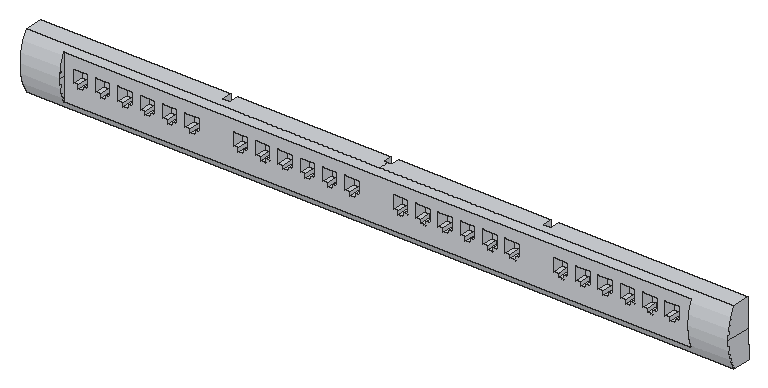
Revit family
Parameters
  Material ID = "760152561"
  Description = "360 1100GS3 Evolve U/UTP 24 Port Patch Panel\r\n360 11 00GS3 24 Port Patch Panel\r\n360 1100GS3 24 PORT PATCH PANEL"
Reference planes (in)
  plane 1 "Center (Front/Back)": y = 0
  plane 2: z = 0
  plane 3 "Center (Left/Right)": x = 0
Forms (in)
  Extrusion 1, solid
    sketch origin (0, 0, 0) x (1, 0, 0) y (0, 0, 1)
      loop
        line (0, 0.75218) -> (-9.5, 0.75218) -> (-9.5, 0.00218) -> (-9.5, -0.75218) -> (0, -0.75218) -> (9.5, -0.75218) -> (9.5, 0) -> (9.5, 0.75218) -> (0, 0.75218)
    from 0 to 2.5
  Extrusion 2, void, not visible
    sketch origin (0, 0, 0) x (1, 0, 0) y (0, 0, 1)
      loop
        line (-7.85662, 0.48089) -> (-7.85662, -0.39002) -> (-7.67285, -0.39002) -> (-7.67285, -0.64002) -> (-7.0736, -0.64002) -> (-7.0736, -0.39002) -> (-6.92978, -0.39002) -> (-6.92978, 0.48089) -> (-7.85662, 0.48089)
    from -3.79215 to 12
  Extrusion 3, void
    sketch origin (0, 0, 0) x (1, 0, 0) y (0, 0, 1)
      loop
        line (-8.19397, 0.28004) -> (-8.19397, -0.07417) -> (-8.06657, -0.07417) -> (-8.06657, -0.16337) -> (-7.91657, -0.16337) -> (-7.91657, -0.07417) -> (-7.80497, -0.07417) -> (-7.80497, 0.28004) -> (-8.19397, 0.28004)
    from 0.25637 to 5.60437
  Extrusion 4, void, not visible
    sketch origin (0, 0, 0) x (1, 0, 0) y (0, 0, 1)
      loop
        line (-8.21397, 0.42583) -> (-8.21397, -0.07417) -> (-8.08657, -0.07417) -> (-8.08657, -0.27417) -> (-7.83657, -0.27417) -> (-7.83657, -0.07417) -> (-7.72497, -0.07417) -> (-7.72497, 0.42583) -> (-8.21397, 0.42583)
    from 0.74059 to 3.34334
  Extrusion 5, void
    sketch origin (0, 0, 0) x (1, 0, 0) y (0, 0, 1)
      loop
        line (4.40826, 1.75) -> (4.20826, 1.75) -> (4.20826, -1.75) -> (4.40826, -1.75) -> (4.40826, 1.75)
    from 0 to 0.25637
  Extrusion 6, void
    sketch origin (-4.29969, 0, 0) x (1, 0, 0) y (0, 0, 1)
      loop
        line (4.40826, 1.75) -> (4.20826, 1.75) -> (4.20826, -1.75) -> (4.40826, -1.75) -> (4.40826, 1.75)
    from 0 to 0.21551
  Extrusion 7, void
    sketch origin (-8.6195, 0, 0) x (1, 0, 0) y (0, 0, 1)
      loop
        line (4.40826, 1.75) -> (4.20826, 1.75) -> (4.20826, -1.75) -> (4.40826, -1.75) -> (4.40826, 1.75)
    from 0 to 0.25637
  Extrusion 8, void
    sketch origin (0, 0, 0) x (0, 1, 0) y (0, 0, 1)
      loop
        line (-0.3725, 0.92313) -> (-2.87402, 0.92313) -> (-2.80422, -1.07565) -> (-0.23373, -1.07565)
        arc (-0.23373, -1.07565) -> (-0.68972, -0.1031) -> (-0.3725, 0.92313) r 1.48862
    from -13.91716 to 12
  Extrusion 9, void
    sketch origin (0.6, 0, 0) x (1, 0, 0) y (0, 0, 1)
      loop
        line (-8.19397, 0.28004) -> (-8.19397, -0.07417) -> (-8.06657, -0.07417) -> (-8.06657, -0.16337) -> (-7.91657, -0.16337) -> (-7.91657, -0.07417) -> (-7.80497, -0.07417) -> (-7.80497, 0.28004) -> (-8.19397, 0.28004)
    from 0.25637 to 5.60437
  Extrusion 10, void
    sketch origin (1.2, 0, 0) x (1, 0, 0) y (0, 0, 1)
      loop
        line (-8.19397, 0.28004) -> (-8.19397, -0.07417) -> (-8.06657, -0.07417) -> (-8.06657, -0.16337) -> (-7.91657, -0.16337) -> (-7.91657, -0.07417) -> (-7.80497, -0.07417) -> (-7.80497, 0.28004) -> (-8.19397, 0.28004)
    from 0.25637 to 5.60437
  Extrusion 11, void
    sketch origin (1.8, 0, 0) x (1, 0, 0) y (0, 0, 1)
      loop
        line (-8.19397, 0.28004) -> (-8.19397, -0.07417) -> (-8.06657, -0.07417) -> (-8.06657, -0.16337) -> (-7.91657, -0.16337) -> (-7.91657, -0.07417) -> (-7.80497, -0.07417) -> (-7.80497, 0.28004) -> (-8.19397, 0.28004)
    from 0.25637 to 5.60437
  Extrusion 12, void
    sketch origin (2.4, 0, 0) x (1, 0, 0) y (0, 0, 1)
      loop
        line (-8.19397, 0.28004) -> (-8.19397, -0.07417) -> (-8.06657, -0.07417) -> (-8.06657, -0.16337) -> (-7.91657, -0.16337) -> (-7.91657, -0.07417) -> (-7.80497, -0.07417) -> (-7.80497, 0.28004) -> (-8.19397, 0.28004)
    from 0.25637 to 5.60437
  Extrusion 13, void
    sketch origin (3, 0, 0) x (1, 0, 0) y (0, 0, 1)
      loop
        line (-8.19397, 0.28004) -> (-8.19397, -0.07417) -> (-8.06657, -0.07417) -> (-8.06657, -0.16337) -> (-7.91657, -0.16337) -> (-7.91657, -0.07417) -> (-7.80497, -0.07417) -> (-7.80497, 0.28004) -> (-8.19397, 0.28004)
    from 0.25637 to 5.60437
  Extrusion 14, void, not visible
    sketch origin (0, 0, 0) x (1, 0, 0) y (0, 0, 1)
      loop
        line (-8.19397, 0.28004) -> (-8.19397, -0.07417) -> (-8.06657, -0.07417) -> (-8.06657, -0.16337) -> (-7.91657, -0.16337) -> (-7.91657, -0.07417) -> (-7.80497, -0.07417) -> (-7.80497, 0.28004) -> (-8.19397, 0.28004)
    from 0.25637 to 5.60437
  Extrusion 15, void
    sketch origin (4.3, 0, 0) x (1, 0, 0) y (0, 0, 1)
      loop
        line (-8.19397, 0.28004) -> (-8.19397, -0.07417) -> (-8.06657, -0.07417) -> (-8.06657, -0.16337) -> (-7.91657, -0.16337) -> (-7.91657, -0.07417) -> (-7.80497, -0.07417) -> (-7.80497, 0.28004) -> (-8.19397, 0.28004)
    from 0.25637 to 5.60437
  Extrusion 16, void
    sketch origin (4.9, 0, 0) x (1, 0, 0) y (0, 0, 1)
      loop
        line (-8.19397, 0.28004) -> (-8.19397, -0.07417) -> (-8.06657, -0.07417) -> (-8.06657, -0.16337) -> (-7.91657, -0.16337) -> (-7.91657, -0.07417) -> (-7.80497, -0.07417) -> (-7.80497, 0.28004) -> (-8.19397, 0.28004)
    from 0.25637 to 5.60437
  Extrusion 17, void
    sketch origin (5.5, 0, 0) x (1, 0, 0) y (0, 0, 1)
      loop
        line (-8.19397, 0.28004) -> (-8.19397, -0.07417) -> (-8.06657, -0.07417) -> (-8.06657, -0.16337) -> (-7.91657, -0.16337) -> (-7.91657, -0.07417) -> (-7.80497, -0.07417) -> (-7.80497, 0.28004) -> (-8.19397, 0.28004)
    from 0.25637 to 5.60437
  Extrusion 18, void
    sketch origin (6.1, 0, 0) x (1, 0, 0) y (0, 0, 1)
      loop
        line (-8.19397, 0.28004) -> (-8.19397, -0.07417) -> (-8.06657, -0.07417) -> (-8.06657, -0.16337) -> (-7.91657, -0.16337) -> (-7.91657, -0.07417) -> (-7.80497, -0.07417) -> (-7.80497, 0.28004) -> (-8.19397, 0.28004)
    from 0.25637 to 5.60437
  Extrusion 19, void
    sketch origin (6.7, 0, 0) x (1, 0, 0) y (0, 0, 1)
      loop
        line (-8.19397, 0.28004) -> (-8.19397, -0.07417) -> (-8.06657, -0.07417) -> (-8.06657, -0.16337) -> (-7.91657, -0.16337) -> (-7.91657, -0.07417) -> (-7.80497, -0.07417) -> (-7.80497, 0.28004) -> (-8.19397, 0.28004)
    from 0.25637 to 5.60437
  Extrusion 20, void
    sketch origin (7.3, 0, 0) x (1, 0, 0) y (0, 0, 1)
      loop
        line (-8.19397, 0.28004) -> (-8.19397, -0.07417) -> (-8.06657, -0.07417) -> (-8.06657, -0.16337) -> (-7.91657, -0.16337) -> (-7.91657, -0.07417) -> (-7.80497, -0.07417) -> (-7.80497, 0.28004) -> (-8.19397, 0.28004)
    from 0.25637 to 5.60437
  Extrusion 21, void
    sketch origin (8.6, 0, 0) x (1, 0, 0) y (0, 0, 1)
      loop
        line (-8.19397, 0.28004) -> (-8.19397, -0.07417) -> (-8.06657, -0.07417) -> (-8.06657, -0.16337) -> (-7.91657, -0.16337) -> (-7.91657, -0.07417) -> (-7.80497, -0.07417) -> (-7.80497, 0.28004) -> (-8.19397, 0.28004)
    from 0.25637 to 5.60437
  Extrusion 22, void
    sketch origin (9.2, 0, 0) x (1, 0, 0) y (0, 0, 1)
      loop
        line (-8.19397, 0.28004) -> (-8.19397, -0.07417) -> (-8.06657, -0.07417) -> (-8.06657, -0.16337) -> (-7.91657, -0.16337) -> (-7.91657, -0.07417) -> (-7.80497, -0.07417) -> (-7.80497, 0.28004) -> (-8.19397, 0.28004)
    from 0.25637 to 5.60437
  Extrusion 23, void
    sketch origin (9.8, 0, 0) x (1, 0, 0) y (0, 0, 1)
      loop
        line (-8.19397, 0.28004) -> (-8.19397, -0.07417) -> (-8.06657, -0.07417) -> (-8.06657, -0.16337) -> (-7.91657, -0.16337) -> (-7.91657, -0.07417) -> (-7.80497, -0.07417) -> (-7.80497, 0.28004) -> (-8.19397, 0.28004)
    from 0.25637 to 5.60437
  Extrusion 24, void
    sketch origin (10.4, 0, 0) x (1, 0, 0) y (0, 0, 1)
      loop
        line (-8.19397, 0.28004) -> (-8.19397, -0.07417) -> (-8.06657, -0.07417) -> (-8.06657, -0.16337) -> (-7.91657, -0.16337) -> (-7.91657, -0.07417) -> (-7.80497, -0.07417) -> (-7.80497, 0.28004) -> (-8.19397, 0.28004)
    from 0.25637 to 5.60437
  Extrusion 25, void
    sketch origin (11, 0, 0) x (1, 0, 0) y (0, 0, 1)
      loop
        line (-8.19397, 0.28004) -> (-8.19397, -0.07417) -> (-8.06657, -0.07417) -> (-8.06657, -0.16337) -> (-7.91657, -0.16337) -> (-7.91657, -0.07417) -> (-7.80497, -0.07417) -> (-7.80497, 0.28004) -> (-8.19397, 0.28004)
    from 0.25637 to 5.60437
  Extrusion 26, void
    sketch origin (11.6, 0, 0) x (1, 0, 0) y (0, 0, 1)
      loop
        line (-8.19397, 0.28004) -> (-8.19397, -0.07417) -> (-8.06657, -0.07417) -> (-8.06657, -0.16337) -> (-7.91657, -0.16337) -> (-7.91657, -0.07417) -> (-7.80497, -0.07417) -> (-7.80497, 0.28004) -> (-8.19397, 0.28004)
    from 0.25637 to 5.60437
  Extrusion 27, void
    sketch origin (12.9, 0, 0) x (1, 0, 0) y (0, 0, 1)
      loop
        line (-8.19397, 0.28004) -> (-8.19397, -0.07417) -> (-8.06657, -0.07417) -> (-8.06657, -0.16337) -> (-7.91657, -0.16337) -> (-7.91657, -0.07417) -> (-7.80497, -0.07417) -> (-7.80497, 0.28004) -> (-8.19397, 0.28004)
    from 0.25637 to 5.60437
  Extrusion 28, void
    sketch origin (13.5, 0, 0) x (1, 0, 0) y (0, 0, 1)
      loop
        line (-8.19397, 0.28004) -> (-8.19397, -0.07417) -> (-8.06657, -0.07417) -> (-8.06657, -0.16337) -> (-7.91657, -0.16337) -> (-7.91657, -0.07417) -> (-7.80497, -0.07417) -> (-7.80497, 0.28004) -> (-8.19397, 0.28004)
    from 0.25637 to 5.60437
  Extrusion 29, void
    sketch origin (14.1, 0, 0) x (1, 0, 0) y (0, 0, 1)
      loop
        line (-8.19397, 0.28004) -> (-8.19397, -0.07417) -> (-8.06657, -0.07417) -> (-8.06657, -0.16337) -> (-7.91657, -0.16337) -> (-7.91657, -0.07417) -> (-7.80497, -0.07417) -> (-7.80497, 0.28004) -> (-8.19397, 0.28004)
    from 0.25637 to 5.60437
  Extrusion 30, void
    sketch origin (14.7, 0, 0) x (1, 0, 0) y (0, 0, 1)
      loop
        line (-8.19397, 0.28004) -> (-8.19397, -0.07417) -> (-8.06657, -0.07417) -> (-8.06657, -0.16337) -> (-7.91657, -0.16337) -> (-7.91657, -0.07417) -> (-7.80497, -0.07417) -> (-7.80497, 0.28004) -> (-8.19397, 0.28004)
    from 0.25637 to 5.60437
  Extrusion 31, void
    sketch origin (15.3, 0, 0) x (1, 0, 0) y (0, 0, 1)
      loop
        line (-8.19397, 0.28004) -> (-8.19397, -0.07417) -> (-8.06657, -0.07417) -> (-8.06657, -0.16337) -> (-7.91657, -0.16337) -> (-7.91657, -0.07417) -> (-7.80497, -0.07417) -> (-7.80497, 0.28004) -> (-8.19397, 0.28004)
    from 0.25637 to 5.60437
  Extrusion 32, void
    sketch origin (15.9, 0, 0) x (1, 0, 0) y (0, 0, 1)
      loop
        line (-8.19397, 0.28004) -> (-8.19397, -0.07417) -> (-8.06657, -0.07417) -> (-8.06657, -0.16337) -> (-7.91657, -0.16337) -> (-7.91657, -0.07417) -> (-7.80497, -0.07417) -> (-7.80497, 0.28004) -> (-8.19397, 0.28004)
    from 0.25637 to 5.60437
  Extrusion 33, void
    sketch origin (0, 0, 0) x (1, 0, 0) y (0, 0, 1)
      loop
        line (0, 0.59628) -> (-8.44, 0.59628) -> (-8.44, 0) -> (-8.44, -0.59628) -> (0, -0.59628) -> (8.44, -0.59628) -> (8.44, 0) -> (8.44, 0.59628) -> (0, 0.59628)
    from 0.54506 to 2.05637
  Extrusion 34, void
    sketch origin (0, 0, 0) x (1, 0, 0) y (0, 0, 1)
      loop
        arc (-9.09564, 0.1) -> (-9.19564, 0) -> (-9.09564, -0.1) r 0.1
        line (-9.09564, -0.1) -> (-8.93998, -0.1)
        arc (-8.93998, -0.1) -> (-8.83998, 0) -> (-8.93998, 0.1) r 0.1
        line (-8.93998, 0.1) -> (-9.09564, 0.1)
    from 0 to 0.32834
  Extrusion 35, void
    sketch origin (0, 0, 0.5) x (1, 0, 0) y (0, 0, 1)
      loop
        arc (-9.09564, 0.1) -> (-9.19564, 0) -> (-9.09564, -0.1) r 0.1
        line (-9.09564, -0.1) -> (-8.93998, -0.1)
        arc (-8.93998, -0.1) -> (-8.83998, 0) -> (-8.93998, 0.1) r 0.1
        line (-8.93998, 0.1) -> (-9.09564, 0.1)
    from 0 to 0.32834
  Extrusion 36, void
    sketch origin (0, 0, -0.5) x (1, 0, 0) y (0, 0, 1)
      loop
        line (-9.09564, -0.1) -> (-8.93998, -0.1)
        arc (-8.93998, -0.1) -> (-8.83998, 0) -> (-8.93998, 0.1) r 0.1
        line (-8.93998, 0.1) -> (-9.09564, 0.1)
        arc (-9.09564, 0.1) -> (-9.19564, 0) -> (-9.09564, -0.1) r 0.1
    from 0 to 0.32834
  Extrusion 37, void
    sketch origin (0, 0, 0) x (-1, 0, 0) y (0, 0, -1)
      loop
        line (-9.09564, -0.1) -> (-8.93998, -0.1)
        arc (-8.93998, -0.1) -> (-8.83998, 0) -> (-8.93998, 0.1) r 0.1
        line (-8.93998, 0.1) -> (-9.09564, 0.1)
        arc (-9.09564, 0.1) -> (-9.19564, 0) -> (-9.09564, -0.1) r 0.1
    from 0 to 0.32834
  Extrusion 38, void
    sketch origin (0, 0, 0.5) x (-1, 0, 0) y (0, 0, -1)
      loop
        line (-9.09564, -0.1) -> (-8.93998, -0.1)
        arc (-8.93998, -0.1) -> (-8.83998, 0) -> (-8.93998, 0.1) r 0.1
        line (-8.93998, 0.1) -> (-9.09564, 0.1)
        arc (-9.09564, 0.1) -> (-9.19564, 0) -> (-9.09564, -0.1) r 0.1
    from 0 to 0.32834
  Extrusion 39, void
    sketch origin (0, 0, -0.5) x (-1, 0, 0) y (0, 0, -1)
      loop
        arc (-9.09564, 0.1) -> (-9.19564, 0) -> (-9.09564, -0.1) r 0.1
        line (-9.09564, -0.1) -> (-8.93998, -0.1)
        arc (-8.93998, -0.1) -> (-8.83998, 0) -> (-8.93998, 0.1) r 0.1
        line (-8.93998, 0.1) -> (-9.09564, 0.1)
    from 0 to 0.32834
Cuts and joins
  Extrusion 3, Extrusion 5, Extrusion 6, Extrusion 7, Extrusion 8, Extrusion 9, Extrusion 10, Extrusion 11, Extrusion 12, Extrusion 13, Extrusion 15, Extrusion 16, Extrusion 17, Extrusion 18, Extrusion 19, Extrusion 20, Extrusion 21, Extrusion 22, Extrusion 23, Extrusion 24, Extrusion 25, Extrusion 26, Extrusion 27, Extrusion 28, Extrusion 29, Extrusion 30, Extrusion 31, Extrusion 32, Extrusion 33, Extrusion 34, Extrusion 35, Extrusion 36, Extrusion 37, Extrusion 38, Extrusion 39 cuts Extrusion 1
Dimensions and locks (in)
  equal spacing: group 3, group 4, group 5, group 6, group 7, group 8  (x3)
  equal spacing: group 11, group 12, group 13, group 14, group 15, group 16  (x3)
  equal spacing: group 9, group 17, group 24, group 31  (x3)
  equal spacing: group 18, group 19, group 20, group 21, group 22, group 23  (x3)
  equal spacing: group 25, group 26, group 27, group 28, group 29, group 30  (x3)
  aligned: level to Extrusion 1 sketch curve
  aligned and locked: plane 3 "Center (Left/Right)" to Extrusion 1 sketch curve
  aligned: plane 3 "Center (Left/Right)" to Extrusion 33 sketch curve
